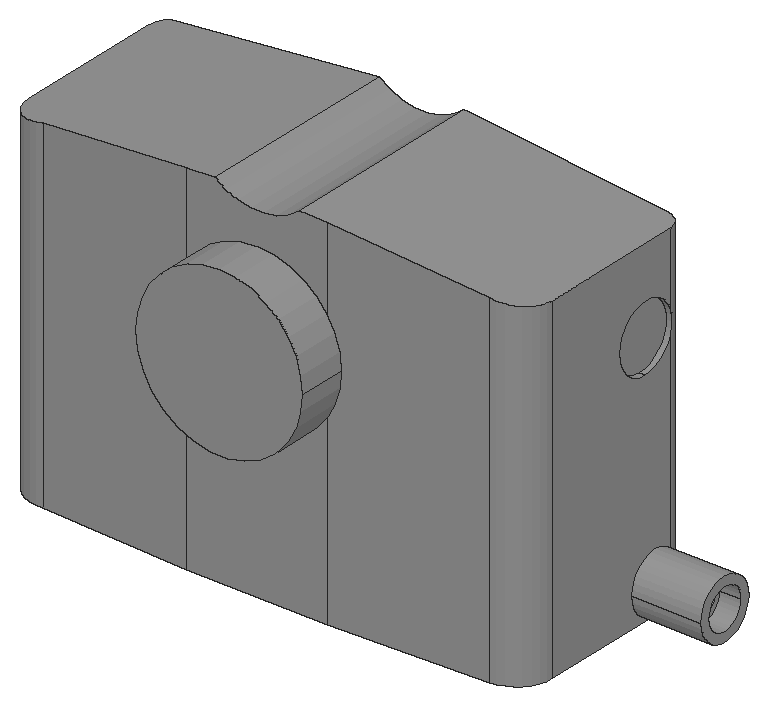
Revit family "BIM_Model_Piranhamat_ 100_60_L", category Mechanical Equipment, Revit 2018
Family settings
  Round Connector Dimension = Use Radius
  Part Type = Normal
  Work Plane-Based = No
  Always vertical = Yes
  Cut with Voids When Loaded = No
  Shared = No
  Room Calculation Point = No
Parameters (values of type "Piranhamat 100 Connection @ 198mm Height")
  Weight (Kg) = "9.0"
  Tank Material = Polypropylene
  Speed (r/min) = 2900
  Rated Voltage (V) = "220-240 1~"
  Rated Current (A) = "4.84"
  Product Specification Link = "https://www.sulzer.com/en/shared/products/2017/03/28/13/23/lifting-station-type-abs-piranhamat-100-and-120"
  Motor Power (kW) = "P1=1.10 P2=0.68"
  Model = "Piranhamat"
  Manufacturer = "Sulzer"
  Inflow DN 40 = 40 mm / 2  # 20 mm
  Inflow DN 100 = 100 mm / 2  # 50 mm
  Head (m) = 8 mm
  Discharge DN25/32 = 32 mm / 2  # 16 mm
  Description = "Compact fecal pumping units for direct connection of one toilet in accordance with EN 12050-3. These ready-to-plug-in units, with a gas- and odor-tight synthetic tank, can also be connected to a hand wash basin, shower, or bidet."
  Connection Offset (Horizontal) = 36 mm
  Connection Height Offset = 198 mm
  Capacity (m3/hr) = 5.80 m³
  Cable Type (H05V V-F) = "3G1.0"
  Cable Length (m) = "2.2"
  Assembly Code = ""
Types (3, lengths in mm): name | Connection Offset (Horizontal) | Connection Height Offset
  (no name) | 36 | 198
  Piranhamat 100 Connection @ 74mm Height | 42 | 74
  Piranhamat 100 Connection @ 198mm Height | 36 | 198
Reference planes
  plane 1 "Center (Front/Back)": y = 0
  plane 2: z = 0
  plane 3 "Center (Left/Right)": x = 0
  plane 4: z = 287
  plane 5: z = 198
  plane 6: y = -160.008
  plane 7: x = 258.019
  plane 8: x = -203.481
  plane 9: y = -197
  plane 10: z = 23.7
  plane 11: x = -198.5
  plane 12: x = 198.5
  plane 13: y = -36
  plane 14: x = 203.502
Forms (mm)
  Extrusion 1, solid, material "Polypropylene" <- "Tank Material"
    sketch origin (0, 0, 0) x (1, 0, 0) y (0, 1, 0)
      loop
        arc (203.502, -11.471) -> (200.133, -3.339) -> (192.002, 0.029) r 11.5
        line (192.002, 0.029) -> (35.471, 0.029) -> (-35.471, 0.029) -> (-191.981, 0.029)
        arc (-191.981, 0.029) -> (-200.112, -3.339) -> (-203.481, -11.471) r 11.5
        line (-203.481, -11.471) -> (-203.481, -127.135)
        arc (-203.481, -127.135) -> (-193.956, -148.175) -> (-171.862, -154.9) r 28
        line (-171.862, -154.9) -> (-54.976, -160.008) -> (55.024, -160.008) -> (176.738, -154.631)
        arc (176.738, -154.631) -> (195.733, -146.015) -> (203.502, -126.658) r 28
        line (203.502, -126.658) -> (203.502, -11.471)
    from 0 to 287
  Extrusion 2, void
    sketch origin (-319.536, -160.008, 1200) x (1, 0, 0) y (0, 0, 1)
      loop
        line (116.055, -900.937) -> (116.055, -936.956)
        arc (116.055, -936.956) -> (200.906, -924.507) -> (286.446, -918.37) r 1158.136
        arc (286.446, -918.37) -> (319.585, -930.3) -> (352.725, -918.374) r 51.999
        arc (352.725, -918.374) -> (438.189, -924.175) -> (523.037, -935.938) r 1224.391
        line (523.037, -935.938) -> (523.037, -900.937) -> (116.055, -900.937)
    from 0 to -200
  Extrusion 3, solid, material "Polypropylene" <- "Tank Material"
    sketch origin (-319.536, -197, 1200) x (-1, 0, 0) y (0, 0, 1)
      loop
        circle (-319.536, -1020) r 65
    from 0 to 47.785
  Extrusion 4, solid, material "Polypropylene" <- "Tank Material"
    sketch origin (258.019, -1524, 440.388) x (0, 0, 1) y (0, -1, 0)
      loop
        circle (-416.688, -1497) r 23
    from 0 to -258.019
  Revolve 5, void
    sketch origin (258.019, -1524, 23.7) x (0, -1, 0) y (1, 0, 0)
      loop
        line (-1497, 0) -> (-1513, 0) -> (-1513, -17.15) -> (-1509.5, -17.15) -> (-1509.5, -27) -> (-1497, -27) -> (-1497, 0)
      axis (-1497, -27) -> (-1497, 0)
    angle from 0 to 360
  Extrusion 6, void
    sketch origin (-203.481, -1524, 463.529) x (0, 0, -1) y (0, -1, 0)
      loop
        circle (439.829, -1497) r 15
    from 0 to -4.981
  Extrusion 7, void
    sketch origin (-203.481, -1524, 463.529) x (0, 0, -1) y (0, -1, 0)
      loop
        circle (265.529, -1488) r 26
    from 0 to -4.981
  Extrusion 8, void
    sketch origin (203.502, -1524, 264.062) x (0, 0, -1) y (0, -1, 0)
      loop
        circle (66.062, -1488) r 26
    from 0 to 5.002
Cuts and joins
  Extrusion 2, Revolve 5, Extrusion 6, Extrusion 7, Extrusion 8 cuts Extrusion 1
  Revolve 5, Extrusion 6, Extrusion 7, Extrusion 8 cuts Extrusion 3
  Revolve 5, Extrusion 6, Extrusion 7, Extrusion 8 cuts Extrusion 4
  joined: Extrusion 1, Extrusion 3, Extrusion 4
Dimensions and locks
  plane 4 to plane 2 = 287 mm
  locked: plane 9 to plane 1 "Center (Front/Back)" at 197
  Extrusion 3 sketch curve to plane 2 = 180 mm
  Extrusion 4 sketch curve to plane 2 = 23.7 mm
  Extrusion 4 sketch curve to plane 1 "Center (Front/Back)" = 27 mm
  plane 12 to plane 11 = 397 mm
  plane 3 "Center (Left/Right)" to plane 11 = 198.5 mm
  plane 7 to plane 8 = 461.5 mm
  "Connection Height Offset": plane 5 to plane 2
  "Connection Offset (Horizontal)": plane 1 "Center (Front/Back)" to plane 13
  aligned and locked: level to plane 2
  aligned and locked: plane 4 to Extrusion 1
  aligned and locked: Extrusion 1 to level
  aligned and locked: plane 6 to Extrusion 1
  aligned and locked: Extrusion 4 to plane 3 "Center (Left/Right)"
  aligned and locked: plane 7 to Extrusion 4
  aligned and locked: plane 8 to cut or joined group of Extrusion 1, Extrusion 2, Extrusion 3, Extrusion 4, Revolve 5, Extrusion 6, Extrusion 7, Extrusion 8
  aligned and locked: Extrusion 2 to Extrusion 1
  aligned and locked: Extrusion 1 to Extrusion 2
  aligned and locked: Extrusion 6 to Extrusion 7
  aligned and locked: plane 11 to Extrusion 7
  aligned and locked: Extrusion 1 to Extrusion 7
  aligned and locked: Extrusion 1 to Extrusion 8
Automatic sketch dimensions
  Extrusion 1 sketch curve to plane 8 = 0 mm
  Extrusion 1 sketch curve to plane 6 = 0 mm
  Extrusion 1 sketch curve to plane 1 "Center (Front/Back)" = 0.029 mm
  plane 11 to Extrusion 1 sketch curve = 6.519 mm
  plane 11 to Extrusion 1 sketch curve = 23.019 mm
  plane 6 to Extrusion 1 sketch curve = 5.108 mm
  plane 11 to Extrusion 1 sketch curve = 26.638 mm
  Extrusion 1 sketch curve to plane 3 "Center (Left/Right)" = 54.976 mm
  Extrusion 1 sketch curve to plane 3 "Center (Left/Right)" = 35.471 mm
  plane 3 "Center (Left/Right)" to Extrusion 1 sketch curve = 35.471 mm
  plane 3 "Center (Left/Right)" to Extrusion 1 sketch curve = 55.024 mm
  Extrusion 1 sketch curve to plane 12 = 22.998 mm
  plane 6 to Extrusion 1 sketch curve = 5.377 mm
  Extrusion 1 sketch curve to plane 12 = 21.762 mm
  Extrusion 1 sketch curve to plane 12 = 6.498 mm
  plane 12 to Extrusion 1 sketch curve = 5.002 mm
  Extrusion 2 sketch curve to plane 8 = 0 mm
  Extrusion 2 sketch curve to plane 4 = 5.37 mm
  Extrusion 2 sketch curve to plane 3 "Center (Left/Right)" = 33.09 mm
  Extrusion 2 sketch curve to plane 3 "Center (Left/Right)" = 6.952 mm
  plane 3 "Center (Left/Right)" to Extrusion 2 sketch curve = 0.052 mm
  plane 3 "Center (Left/Right)" to Extrusion 2 sketch curve = 6.952 mm
  Extrusion 2 sketch curve to plane 4 = 5.374 mm
  plane 3 "Center (Left/Right)" to Extrusion 2 sketch curve = 33.19 mm
  plane 12 to Extrusion 2 sketch curve = 5.002 mm
  Extrusion 2 sketch curve to Extrusion 2 sketch curve = 17.564 mm
  Extrusion 2 sketch curve to Extrusion 2 sketch curve = 18.586 mm
  plane 4 to Extrusion 2 sketch curve = 12.063 mm
  Extrusion 3 sketch curve to plane 3 "Center (Left/Right)" = 0 mm
  Revolve 5 sketch curve to plane 7 = 0 mm  (x2)
  plane 1 "Center (Front/Back)" to Revolve 5 sketch curve = 11 mm
  Revolve 5 sketch curve to Revolve 5 sketch curve = 3.5 mm
  Revolve 5 sketch curve to Revolve 5 sketch curve = 16 mm
  Revolve 5 sketch curve to Revolve 5 sketch curve = 0 mm
  Revolve 5 sketch curve to plane 7 = 17.15 mm
  Revolve 5 sketch curve to Revolve 5 sketch curve = 9.85 mm
  plane 7 to Revolve 5 sketch curve = 26.946 mm
  plane 10 to Extrusion 6 sketch curve = 0 mm
  plane 1 "Center (Front/Back)" to Extrusion 6 sketch curve = 27 mm
  Extrusion 7 sketch curve to plane 5 = 0 mm
  Extrusion 7 sketch curve to plane 13 = 0 mm
  Extrusion 8 sketch curve to plane 5 = 0 mm
  Extrusion 8 sketch curve to plane 13 = 0 mm
  radius of Extrusion 3 sketch curve = 65 mm
  radius of Extrusion 4 sketch curve = 23 mm
  radius of Extrusion 6 sketch curve = 15 mm
  radius of Extrusion 7 sketch curve = 26 mm
  radius of Extrusion 8 sketch curve = 26 mm
Connectors
  piping at (0, -197, 180), diameter 100, driven by "Inflow DN 100"
    settings: on cut or joined group of Extrusion 1, Extrusion 2, Extrusion 3, Extrusion 4, Revolve 5, Extrusion 6, Extrusion 7, Extrusion 8, index 1, connector inside diameter 100 mm, connector length 0 mm, flow factor 0, pipe flow 0.0 L/s, pressure drop 0.0 Pa, fitting loss kfactor 0, connector angle 0.00°, fixture units 0, engagement length 0 mm, angle of deflection 0.00°, flow configuration 0, flow direction 0, fitting loss method 0, system type 29, joint type 0, gender type 0, connector reference index -1, connector utility 0, adjustable connector no, is connector primary yes, connector description "Inflow DN 100"
  piping at (258.019, -27, 23.7), diameter 32, driven by "Discharge DN25/32"
    settings: on cut or joined group of Extrusion 1, Extrusion 2, Extrusion 3, Extrusion 4, Revolve 5, Extrusion 6, Extrusion 7, Extrusion 8, index 4, connector inside diameter 32 mm, connector length 0 mm, flow factor 0, pipe flow 0.0 L/s, pressure drop 0.0 Pa, fitting loss kfactor 0, connector angle 0.00°, fixture units 0, engagement length 0 mm, angle of deflection 0.00°, flow configuration 0, flow direction 0, fitting loss method 0, system type 29, joint type 0, gender type 0, connector reference index -1, connector utility 0, adjustable connector no, is connector primary no, connector description "Discharge DN25/32"
  piping at (198.5, -36, 198), diameter 40, driven by "Inflow DN 40"
    settings: on cut or joined group of Extrusion 1, Extrusion 2, Extrusion 3, Extrusion 4, Revolve 5, Extrusion 6, Extrusion 7, Extrusion 8, index 5, connector inside diameter 40 mm, connector length 0 mm, flow factor 0, pipe flow 0.0 L/s, pressure drop 0.0 Pa, fitting loss kfactor 0, connector angle 0.00°, fixture units 0, engagement length 0 mm, angle of deflection 0.00°, flow configuration 0, flow direction 0, fitting loss method 0, system type 29, joint type 0, gender type 0, connector reference index -1, connector utility 0, adjustable connector no, is connector primary no, connector description "Inflow DN 40"
  piping at (-198.5, -36, 198), diameter 40, driven by "Inflow DN 40"
    settings: on cut or joined group of Extrusion 1, Extrusion 2, Extrusion 3, Extrusion 4, Revolve 5, Extrusion 6, Extrusion 7, Extrusion 8, index 6, connector inside diameter 40 mm, connector length 0 mm, flow factor 0, pipe flow 0.0 L/s, pressure drop 0.0 Pa, fitting loss kfactor 0, connector angle 0.00°, fixture units 0, engagement length 0 mm, angle of deflection 0.00°, flow configuration 0, flow direction 0, fitting loss method 0, system type 29, joint type 0, gender type 0, connector reference index -1, connector utility 0, adjustable connector no, is connector primary no, connector description "Inflow DN 40"
